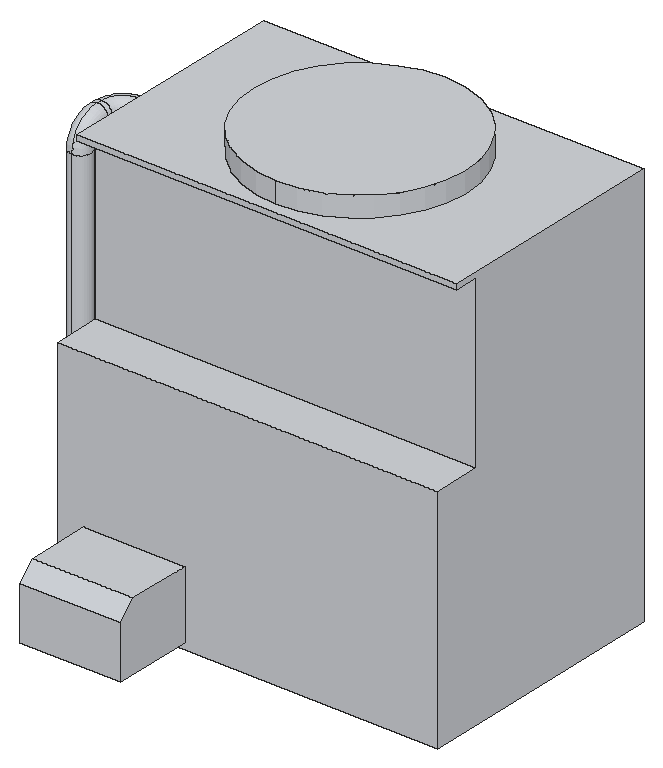
Revit family "dffb553e951040e09718d097f8c65a0e", category Mechanical Equipment, Revit 2021
Family settings
  Round Connector Dimension = Use Radius
  Part Type = Normal
  OmniClass Number = 23.75.10.37.11
  OmniClass Title = Mechanical-Draft Cooling Towers
  Seek Item ID = Cooling Tower - Closed Circuit - Counterflow - 37-211 MBH-0000-USA-ENU
  Work Plane-Based = No
  Always vertical = Yes
  Cut with Voids When Loaded = No
  Shared = No
  Room Calculation Point = No
Parameters (values of type "37 MBH")
  Voltage = 460 V
  Visible 2 = no
  Visible 1 = yes
  Tower Material = none
  Tower Length = 5' - 11 7/8"
  Tower Height = 6' - 8 5/8"
  Make-up Water Pressure Drop [instance] = 0.00 psi
  Load Classification = Cooling
  Default Elevation = 0' - 0"
  Cooling Water Pressure Drop [instance] = 20.00 psi
  Number of Poles = 3
  Number of Fans = 1
  Motor Length = 1' - 3 1/8"
  Motor HP = 5.75
  Make-up Water Flow [instance] = 0.05 * Cooling Water Flow / 100  # 0.06 GPM
  Make up Water Radius = 1"
  Make up Water Diameter = 2 * Make up Water Radius  # 2"
  Length 2 = Tower Length / 3  # 1' - 11.95833"
  Length 1 = 1' - 1 1/8"
  Heat Loss [instance] = 37000 Btu/h
  Fan Air Flow [instance] = 12100 CFM
  Drain Radius = 2"
  Drain Diameter = Drain Radius * 2  # 4"
  Distance 1 = 1' - 0"
  Cooling Water Radius = 2"
  Cooling Water Flow [instance] = 120 GPM
  Cooling Water Diameter = 2 * Cooling Water Radius  # 4"
  C1 Offset 1 = 1' - 10 7/8"
  Apparent Load = 3604 VA
Types (14): name | Visible 2 | Visible 1 | Tower Length | Tower Height | Cooling Water Pressure Drop | Number of Fans | Motor Length | Motor HP | Make-up Water Flow | Length 2 | Length 1 | Heat Loss | Fan Air Flow | Distance 1 | Cooling Water Flow | C1 Offset 1 | Apparent Load
  (no name) | no | yes | 5' - 11 7/8" | 6' - 8 5/8" | 20.00 psi | 1 | 1' - 3 1/8" | 5.75 | 0.06 GPM | 1' - 11.95833" | 1' - 1 1/8" | 37000 Btu/h | 12100 CFM | 1' - 0" | 120 GPM | 1' - 10 7/8" | 3604 VA
  92 MBH | yes | no | 8' - 11 1/4" | 7' - 11 5/8" | 25.00 psi | 2 | 1' - 3 1/8" | 11 | 0.09 GPM | 2' - 11 3/4" | 1' - 1 1/8" | 92000 Btu/h | 19200 CFM | 1' - 7 1/2" | 180 GPM | 1' - 10 3/4" | 6894 VA
  103 MBH | yes | no | 11' - 11 3/4" | 7' - 4 1/8" | 30.00 psi | 2 | 1' - 7 1/8" | 11.5 | 0.1225 GPM | 3' - 11.91667" | 1' - 3" | 103000 Btu/h | 23800 CFM | 1' - 7 1/2" | 245 GPM | 1' - 10 3/4" | 7208 VA
  104 MBH | yes | no | 8' - 11 1/4" | 8' - 7 1/8" | 25.00 psi | 2 | 1' - 3 1/8" | 11 | 0.09 GPM | 2' - 11 3/4" | 1' - 1 1/8" | 104000 Btu/h | 18800 CFM | 1' - 7 1/2" | 180 GPM | 1' - 10 3/4" | 6894 VA
  124 MBH | yes | no | 11' - 11 3/4" | 7' - 11 5/8" | 30.00 psi | 2 | 1' - 7 1/8" | 16.5 | 0.1225 GPM | 3' - 11.91667" | 1' - 3" | 124000 Btu/h | 26000 CFM | 1' - 7 1/2" | 245 GPM | 1' - 10 3/4" | 10342 VA
  140 MBH | yes | no | 11' - 11 3/4" | 8' - 7 1/8" | 30.00 psi | 2 | 1' - 7 1/8" | 16.5 | 0.1225 GPM | 3' - 11.91667" | 1' - 3" | 140000 Btu/h | 26200 CFM | 1' - 7 1/2" | 245 GPM | 1' - 10 3/4" | 10342 VA
  155 MBH | yes | yes | 18' - 0" | 7' - 4 1/8" | 35.00 psi | 3 | 1' - 7 1/8" | 17 | 0.1825 GPM | 6' - 0" | 1' - 0" | 155000 Btu/h | 35800 CFM | 2' - 10 1/2" | 365 GPM | 1' - 10 3/4" | 10655 VA
  188 MBH | yes | yes | 18' - 0" | 7' - 11 5/8" | 35.00 psi | 3 | 1' - 7 1/8" | 22 | 0.1825 GPM | 6' - 0" | 1' - 0" | 188000 Btu/h | 38600 CFM | 2' - 10 1/2" | 365 GPM | 1' - 10 3/4" | 13789 VA
  211 MBH | yes | yes | 18' - 0" | 8' - 7 1/8" | 35.00 psi | 3 | 1' - 7 1/8" | 22 | 0.1825 GPM | 6' - 0" | 1' - 0" | 211000 Btu/h | 37800 CFM | 2' - 10 1/2" | 365 GPM | 1' - 10 3/4" | 13789 VA
  37 MBH | no | yes | 5' - 11 7/8" | 6' - 8 5/8" | 20.00 psi | 1 | 1' - 3 1/8" | 5.75 | 0.06 GPM | 1' - 11.95833" | 1' - 1 1/8" | 37000 Btu/h | 12100 CFM | 1' - 0" | 120 GPM | 1' - 10 7/8" | 3604 VA
  50 MBH | no | yes | 5' - 11 7/8" | 7' - 4 1/8" | 20.00 psi | 1 | 1' - 3 1/8" | 5.75 | 0.06 GPM | 1' - 11.95833" | 1' - 1 1/8" | 50000 Btu/h | 11900 CFM | 1' - 0" | 120 GPM | 1' - 11 7/8" | 3604 VA
  61 MBH | no | yes | 5' - 11 7/8" | 7' - 11 5/8" | 20.00 psi | 1 | 1' - 3 1/8" | 5.75 | 0.06 GPM | 1' - 11.95833" | 1' - 1 1/8" | 61000 Btu/h | 11700 CFM | 1' - 0" | 120 GPM | 2' - 0 7/8" | 3604 VA
  68 MBH | no | yes | 5' - 11 7/8" | 8' - 7 1/8" | 20.00 psi | 1 | 1' - 3 1/8" | 8.25 | 0.06 GPM | 1' - 11.95833" | 1' - 1 1/8" | 68000 Btu/h | 13100 CFM | 1' - 0" | 120 GPM | 2' - 1 7/8" | 5171 VA
  76 MBH | yes | no | 8' - 11 1/4" | 7' - 4 1/8" | 25.00 psi | 2 | 1' - 3 1/8" | 8.5 | 0.09 GPM | 2' - 11 3/4" | 1' - 1 1/8" | 76000 Btu/h | 17800 CFM | 1' - 7 1/2" | 180 GPM | 1' - 10 3/4" | 5327 VA
Reference planes (in)
  plane 1 "Center (Front/Back)": y = 0
  plane 2: z = 0
  plane 3 "Center (Left/Right)": x = 0
  plane 4: y = 48.625
  plane 5: x = 71.875
  plane 6: z = 80.625
  plane 7: z = 43.5
  plane 8: z = 75.75
  plane 9: z = 76.75
  plane 10: y = 9
  plane 11: y = 4.5
  plane 12: x = 5
  plane 13: x = 23.95833
  plane 14: y = -15.125
  plane 15: z = 1
  plane 16: z = 5
  plane 17: z = 3
  plane 18: z = 9
  plane 19: z = 11
  plane 20: z = 17
  plane 21: z = 24
  plane 22: z = 14
  plane 23 "1": y = 44.625
  plane 24: y = 29
  plane 25: x = -2
  plane 26: x = -13.125
  plane 27 "2": x = -9.125
  plane 28: x = -5.125
  plane 29: y = 25.75
  plane 30: y = 16.75
  plane 31: y = 20.75
  plane 32: z = 18
  plane 33 "3": z = 69.75
  plane 34: z = 65.75
  plane 35: y = 26.5625
  plane 36: y = 21.75
  plane 37: z = 50.5
  plane 38: z = 62.5
  plane 39: x = 17.96875
  plane 40: x = 35.9375
  plane 41: x = 53.90625
  plane 42: z = 38.5
  plane 43: x = 66.875
  plane 44: z = 32.91667
  plane 45: z = 27.33333
  plane 46: z = 21.75
  plane 47: z = 16.16667
  plane 48: z = 10.58333
  plane 49: y = -12.125
  plane 50: z = 26.125
  plane 51: y = 50.625
Forms (in)
  Extrusion 1, solid, material <- "Tower Material"
    sketch origin (0, 0, 0) x (0, 1, 0) y (0, 0, 1)
      loop
        line (48.625, 76.75) -> (4.5, 76.75) -> (4.5, 75.75) -> (9, 75.75) -> (9, 43.5) -> (0, 43.5) -> (0, 0) -> (48.625, 0) -> (48.625, 76.75)
    from 71.875 to 0
  Extrusion 2, solid, material <- "Tower Material", detail levels medium+fine
    sketch origin (0, 0, 0) x (1, 0, 0) y (0, 1, 0)
      loop
        circle (-9.125, 44.625) r 4
    from 11 to 17
  Extrusion 3, solid, material <- "Tower Material", detail levels medium+fine
    sketch origin (0, 0, 0) x (1, 0, 0) y (0, 1, 0)
      loop
        circle (-9.125, 44.625) r 3
    from 17 to 24
  Sweep 4, solid, material <- "Tower Material", detail levels medium+fine
    path in 3D
      loop
        line (-9.125, 44.625, 11) -> (-9.125, 44.625, 9)
        arc (-9.125, 44.625, 9) -> (-7.95343, 44.625, 6.17157) -> (-5.125, 44.625, 5) r 4
        line (-5.125, 44.625, 5) -> (0, 44.625, 5)
    profile origin (-2.5625, 44.625, 5) x (0, 0, 1) y (0, -1, 0)
      loop
        circle (0, 0) r 2
  Sweep 5, solid, material <- "Tower Material", detail levels medium+fine
    path in 3D
      loop
        line (-9.125, 44.625, 14) -> (-9.125, 20.75, 14)
        arc (-9.125, 20.75, 14) -> (-9.125, 17.92157, 15.17157) -> (-9.125, 16.75, 18) r 4
        line (-9.125, 16.75, 18) -> (-9.125, 16.75, 65.75)
        arc (-9.125, 16.75, 65.75) -> (-9.125, 17.92157, 68.57843) -> (-9.125, 20.75, 69.75) r 4
        line (-9.125, 20.75, 69.75) -> (-9.125, 21.75, 69.75)
        arc (-9.125, 21.75, 69.75) -> (-7.95343, 24.57843, 69.75) -> (-5.125, 25.75, 69.75) r 4
        line (-5.125, 25.75, 69.75) -> (0, 25.75, 69.75)
    profile origin (-9.125, 32.6875, 14) x (0, 0, -1) y (1, 0, 0)
      loop
        circle (0, 0) r 2
  Extrusion 6, solid, material <- "Tower Material"
    sketch origin (-9.125, 0, 0) x (0, 1, 0) y (0, 0, 1)
      loop
        circle (25.75, 50.5) r 2
      loop
        circle (25.75, 62.5) r 2
    from -4 to 9.125
  Extrusion 7, solid, material <- "Tower Material"
    sketch origin (-9.125, 0, 0) x (0, 1, 0) y (0, 0, 1)
      loop
        circle (29, 3) r 2
    from 7.125 to 9.125
  Extrusion 8, solid, material <- "Tower Material"
    sketch origin (-9.125, 0, 0) x (0, 1, 0) y (0, 0, 1)
      loop
        line (0, 14) -> (-12.125, 14) -> (-15.125, 11) -> (-15.125, 1) -> (0, 1) -> (0, 14)
    from 14.125 to 33.08333
  Extrusion 9, solid, material <- "Tower Material"
    sketch origin (0, 0, 0) x (1, 0, 0) y (0, 0, 1)
      loop
        circle (5, 26.125) r 1
      loop
        circle (17.96875, 32.91667) r 9
    from -48.625 to -50.625
  Extrusion 10, solid, material <- "Tower Material", visible <- "Visible 2"
    sketch origin (0, 0, 69.75) x (0, 1, 0) y (-1, 0, 0)
      loop
        circle (26.5625, -17.96875) r 20
    from 7 to 10.875
  Extrusion 11, solid, material <- "Tower Material", visible <- "Visible 2"
    sketch origin (0, 0, 69.75) x (0, 1, 0) y (-1, 0, 0)
      loop
        circle (26.5625, -53.90625) r 20
    from 7 to 10.875
  Extrusion 12, solid, material <- "Tower Material", visible <- "Visible 1"
    sketch origin (0, 0, 69.75) x (0, 1, 0) y (-1, 0, 0)
      loop
        circle (26.5625, -35.9375) r 20
    from 7 to 10.875
Cuts and joins
  joined: Extrusion 2, Extrusion 3, Sweep 4, Sweep 5
  joined: Extrusion 1, Extrusion 6, Extrusion 7, Extrusion 8, Extrusion 9
Lines and regions (in)
  reference lines
    curve 1: line (-9.125, 44.625, 11) -> (-9.125, 44.625, 9)
    curve 2: line (-5.125, 44.625, 5) -> (0, 44.625, 5)
    curve 3: arc (-9.125, 44.625, 9) -> (-7.95343, 44.625, 6.17157) -> (-5.125, 44.625, 5) r 4
    curve 7: line (-9.125, 44.625, 14) -> (-9.125, 20.75, 14)
    curve 8: arc (-9.125, 20.75, 14) -> (-9.125, 17.92157, 15.17157) -> (-9.125, 16.75, 18) r 4
    curve 9: line (-9.125, 16.75, 18) -> (-9.125, 16.75, 65.75)
    curve 10: arc (-9.125, 16.75, 65.75) -> (-9.125, 17.92157, 68.57843) -> (-9.125, 20.75, 69.75) r 4
    curve 11: line (-9.125, 20.75, 69.75) -> (-9.125, 21.75, 69.75)
    curve 12: arc (-9.125, 21.75, 69.75) -> (-7.95343, 24.57843, 69.75) -> (-5.125, 25.75, 69.75) r 4
    curve 13: line (-5.125, 25.75, 69.75) -> (0, 25.75, 69.75)
  sketch lines
    curve 4: line (-5.125, 44.625, 5) -> (0, 44.625, 5)
    curve 5: arc (-9.125, 44.625, 9) -> (-7.95343, 44.625, 6.17157) -> (-5.125, 44.625, 5) r 4
    curve 6: line (-9.125, 44.625, 11) -> (-9.125, 44.625, 9)
    curve 14: line (-9.125, 44.625, 14) -> (-9.125, 20.75, 14)
    curve 15: arc (-9.125, 20.75, 14) -> (-9.125, 17.92157, 15.17157) -> (-9.125, 16.75, 18) r 4
    curve 16: line (-9.125, 16.75, 18) -> (-9.125, 16.75, 65.75)
    curve 17: arc (-9.125, 16.75, 65.75) -> (-9.125, 17.92157, 68.57843) -> (-9.125, 20.75, 69.75) r 4
    curve 18: arc (-9.125, 21.75, 69.75) -> (-7.95343, 24.57843, 69.75) -> (-5.125, 25.75, 69.75) r 4
    curve 19: line (-5.125, 25.75, 69.75) -> (0, 25.75, 69.75)
    curve 20: line (-9.125, 20.75, 69.75) -> (-9.125, 21.75, 69.75)
  model lines, detail levels medium+fine
    curve 21: line (5, 0, 38.5) -> (66.875, 0, 38.5)
    curve 22: line (5, 0, 5) -> (5, 0, 38.5)
    curve 23: line (66.875, 0, 5) -> (5, 0, 5)
    curve 24: line (66.875, 0, 38.5) -> (66.875, 0, 5)
    curve 25: line (5, 0, 32.91667) -> (66.875, 0, 32.91667)
    curve 26: line (66.875, 0, 27.33333) -> (5, 0, 27.33333)
    curve 27: line (66.875, 0, 21.75) -> (5, 0, 21.75)
    curve 28: line (66.875, 0, 16.16667) -> (5, 0, 16.16667)
    curve 29: line (66.875, 0, 10.58333) -> (5, 0, 10.58333)
Dimensions and locks (in)
  "Tower Length": plane 3 "Center (Left/Right)" to plane 5
  locked: plane 1 "Center (Front/Back)" to plane 4 at 48.625
  "Tower Height": plane 6 to plane 2
  locked: plane 7 to plane 2 at 43.5
  locked: plane 6 to plane 8 at 4.875
  locked: plane 9 to plane 8 at 1
  locked: plane 10 to plane 1 "Center (Front/Back)" at 9
  equal spacing: plane 1 "Center (Front/Back)", plane 11, plane 10
  locked: plane 3 "Center (Left/Right)" to plane 12 at 5
  "Length 2": plane 3 "Center (Left/Right)" to plane 13
  "Motor Length": plane 1 "Center (Front/Back)" to plane 14
  locked: plane 15 to plane 2 at 1
  locked: plane 16 to plane 2 at 5
  locked: plane 16 to plane 17 at 2
  locked: plane 18 to plane 16 at 4
  locked: plane 19 to plane 18 at 2
  locked: plane 20 to plane 19 at 6
  locked: plane 21 to plane 20 at 7
  equal spacing: plane 20, plane 22, plane 19
  locked: plane 4 to plane 23 "1" at 4
  locked: plane 4 to plane 24 at 19.625
  locked: plane 25 to plane 3 "Center (Left/Right)" at 2
  "Length 1": plane 26 to plane 3 "Center (Left/Right)"
  locked: plane 26 to plane 27 "2" at 4
  locked: plane 27 "2" to plane 28 at 4
  "C1 Offset 1": plane 4 to plane 29
  locked: plane 29 to plane 30 at 9
  locked: plane 31 to plane 30 at 4
  locked: plane 32 to plane 22 at 4
  locked: plane 8 to plane 33 "3" at 6
  locked: plane 33 "3" to plane 34 at 4
  equal spacing: plane 4, plane 35, plane 11
  locked: plane 29 to plane 36 at 4
  locked: plane 37 to plane 7 at 7
  "Distance 1": plane 38 to plane 37
  equal spacing: plane 3 "Center (Left/Right)", plane 39, plane 40, plane 41, plane 5
  locked: plane 43 to plane 5 at 5
  locked: plane 7 to plane 42 at 5
  equal spacing: plane 42, plane 44, plane 45, plane 46, plane 47, plane 48, plane 16
  locked: plane 49 to plane 14 at 3
  locked: plane 50 to plane 2 at 26.125
  locked: plane 51 to plane 4 at 2
  radius of Extrusion 2 sketch curve = 0' - 4"
  radius of Extrusion 3 sketch curve = 0' - 3"
  radius of curve 3 = 0' - 4"
  radius of Sweep 4 sketch curve = 0' - 2"
  radius of curve 8 = 0' - 4"
  radius of curve 10 = 0' - 4"
  radius of curve 12 = 0' - 4"
  radius of Sweep 5 sketch curve = 0' - 2"
  "Cooling Water Radius": radius of Extrusion 6 sketch curve  (x2)
  "Drain Radius": radius of Extrusion 7 sketch curve
  "Make up Water Radius": radius of Extrusion 9 sketch curve
  radius of Extrusion 9 sketch curve = 0' - 9"
  radius of Extrusion 10 sketch curve = 1' - 8"
  radius of Extrusion 11 sketch curve = 1' - 8"
  radius of Extrusion 12 sketch curve = 1' - 8"
  aligned and locked: plane 4 to Extrusion 1 sketch curve
  aligned and locked: Extrusion 1 sketch curve to plane 8
  aligned and locked: Extrusion 1 sketch curve to plane 10
  aligned and locked: plane 7 to Extrusion 1 sketch curve
  aligned and locked: plane 1 "Center (Front/Back)" to Extrusion 1 sketch curve
  aligned and locked: Extrusion 1 sketch curve to plane 2
  aligned and locked: plane 5 to Extrusion 1
  aligned and locked: Extrusion 1 to plane 3 "Center (Left/Right)"
  aligned and locked: plane 11 to Extrusion 1 sketch curve
  aligned and locked: plane 27 "2" to Extrusion 2 sketch curve
  aligned and locked: plane 23 "1" to Extrusion 2 sketch curve
  aligned and locked: plane 20 to Extrusion 2
  aligned and locked: Extrusion 2 to plane 19
  aligned and locked: plane 27 "2" to Extrusion 3 sketch curve
  aligned and locked: plane 23 "1" to Extrusion 3 sketch curve
  aligned and locked: Extrusion 3 to plane 21
  aligned and locked: Extrusion 3 to plane 20
  aligned and locked: plane 28 to curve 3
  aligned and locked: plane 18 to curve 3
  aligned and locked: plane 31 to curve 8
  aligned and locked: plane 32 to curve 8
  aligned and locked: plane 31 to curve 10
  aligned and locked: plane 34 to curve 10
  aligned and locked: plane 29 to Extrusion 6 sketch curve  (x2)
  aligned and locked: plane 37 to Extrusion 6 sketch curve
  aligned and locked: plane 38 to Extrusion 6 sketch curve
  aligned and locked: Extrusion 6 to plane 26
  aligned and locked: plane 3 "Center (Left/Right)" to Extrusion 6
  aligned and locked: plane 24 to Extrusion 7 sketch curve
  aligned and locked: plane 17 to Extrusion 7 sketch curve
  aligned and locked: Extrusion 7 to plane 25
  aligned and locked: plane 3 "Center (Left/Right)" to Extrusion 7
  aligned and locked: plane 12 to curve 21
  aligned and locked: curve 21 to plane 42
  aligned and locked: plane 16 to curve 24
  aligned and locked: curve 24 to plane 43
  aligned and locked: curve 24 to curve 26
  aligned and locked: curve 26 to plane 45
  aligned and locked: curve 27 to plane 46
  aligned and locked: curve 28 to plane 47
  aligned and locked: curve 29 to plane 48
  aligned and locked: plane 1 "Center (Front/Back)" to Extrusion 8 sketch curve
  aligned and locked: Extrusion 8 sketch curve to plane 22
  aligned and locked: Extrusion 8 sketch curve to plane 14
  aligned and locked: plane 15 to Extrusion 8 sketch curve
  aligned and locked: plane 19 to Extrusion 8 sketch curve
  aligned and locked: plane 49 to Extrusion 8 sketch curve
  aligned and locked: plane 13 to Extrusion 8
  aligned and locked: Extrusion 8 to plane 12
  aligned and locked: plane 50 to Extrusion 9 sketch curve
  aligned and locked: plane 12 to Extrusion 9 sketch curve
  aligned and locked: plane 39 to Extrusion 9 sketch curve
  aligned and locked: plane 44 to Extrusion 9 sketch curve
  aligned and locked: plane 51 to Extrusion 9
  aligned and locked: Extrusion 9 to plane 4
  aligned and locked: plane 39 to Extrusion 10 sketch curve
  aligned and locked: plane 35 to Extrusion 10 sketch curve
  aligned and locked: plane 41 to Extrusion 11 sketch curve
  aligned and locked: plane 35 to Extrusion 11 sketch curve
  aligned and locked: plane 40 to Extrusion 12 sketch curve
  aligned and locked: plane 35 to Extrusion 12 sketch curve
  aligned and locked: plane 6 to Extrusion 10
  aligned and locked: Extrusion 10 to plane 9
  aligned and locked: plane 6 to Extrusion 12
  aligned and locked: Extrusion 12 to plane 9
  aligned and locked: plane 6 to Extrusion 11
  aligned and locked: Extrusion 11 to plane 9
Automatic sketch dimensions
  Extrusion 1 sketch curve to plane 9 = 0' - 0"
  curve 2 to plane 3 "Center (Left/Right)" = 0' - 0"
  curve 1 to plane 19 = 0' - 0"
  Sweep 4 sketch curve to profile plane = 0' - 0"  (x2)
  curve 11 to plane 36 = 0' - 0"
  curve 7 to plane 23 "1" = 0' - 0"
  curve 12 to plane 27 "2" = 0' - 0"
  curve 12 to plane 36 = 0' - 0"
  curve 13 to plane 3 "Center (Left/Right)" = 0' - 0"
  Sweep 5 sketch curve to profile plane = 0' - 0"  (x2)
  curve 25 to plane 44 = 0' - 0"
Connectors (in)
  piping at (-13.125, 25.75, 62.5), diameter 4, driven by "Cooling Water Radius", driven by "Cooling Water Pressure Drop", driven by "Cooling Water Flow"
    settings: on cut or joined group of Extrusion 1, Extrusion 6, Extrusion 7, Extrusion 8, Extrusion 9, index 1, connector inside diameter 4", connector length 0' - 0", flow factor 0, pipe flow 120 GPM, pressure drop 20.00 psi, fitting loss kfactor 0, connector angle 0.00°, fixture units 0, engagement length 0' - 0", angle of deflection 0.00°, flow configuration 0, flow direction 2, fitting loss method 4, system type 7, joint type 0, gender type 0, connector reference index 2, connector utility 0, adjustable connector no, is connector primary yes, connector description "Condenser Water Out"
  piping at (-13.125, 25.75, 50.5), diameter 4, driven by "Cooling Water Flow", driven by "Cooling Water Radius"
    settings: on cut or joined group of Extrusion 1, Extrusion 6, Extrusion 7, Extrusion 8, Extrusion 9, index 2, connector inside diameter 4", connector length 0' - 0", flow factor 0, pipe flow 120 GPM, pressure drop 0.00 psi, fitting loss kfactor 0, connector angle 0.00°, fixture units 0, engagement length 0' - 0", angle of deflection 0.00°, flow configuration 0, flow direction 1, fitting loss method 0, system type 8, joint type 0, gender type 0, connector reference index 1, connector utility 0, adjustable connector no, is connector primary no, connector description "Condenser Water In"
  piping at (5, 50.625, 26.125), diameter 2, driven by "Make up Water Radius", driven by "Make-up Water Flow", driven by "Make-up Water Pressure Drop"
    settings: on cut or joined group of Extrusion 1, Extrusion 6, Extrusion 7, Extrusion 8, Extrusion 9, index 3, connector inside diameter 2", connector length 0' - 0", flow factor 0, pipe flow 0.06 GPM, pressure drop 0.00 psi, fitting loss kfactor 0, connector angle 0.00°, fixture units 0, engagement length 0' - 0", angle of deflection 0.00°, flow configuration 1, flow direction 1, fitting loss method 4, system type 20, joint type 0, gender type 0, connector reference index -1, connector utility 0, adjustable connector no, is connector primary no, connector description "Make-up Water In"
  piping at (-2, 29, 3), diameter 4, driven by "Drain Radius"
    settings: on cut or joined group of Extrusion 1, Extrusion 6, Extrusion 7, Extrusion 8, Extrusion 9, index 4, connector inside diameter 4", connector length 0' - 0", flow factor 0, pipe flow 0 GPM, pressure drop 0.00 psi, fitting loss kfactor 0, connector angle 0.00°, fixture units 0, engagement length 0' - 0", angle of deflection 0.00°, flow configuration 1, flow direction 2, fitting loss method 0, system type 16, joint type 0, gender type 0, connector reference index -1, connector utility 0, adjustable connector yes, is connector primary no, connector description "Drain Out"
  electrical at (5, -8.475, 8.2), driven by "Apparent Load", driven by "Voltage", driven by "Number of Poles", driven by "Load Classification"
    settings: on cut or joined group of Extrusion 1, Extrusion 6, Extrusion 7, Extrusion 8, Extrusion 9, index 5, voltage 460 V, apparent load 3604 VA, apparent load phase1 0 VA, apparent load phase2 0 VA, apparent load phase3 0 VA, power factor 0.8, load classification "Cooling", number of poles 3, system type 30, power factor state 1, is connector primary yes, connector utility no, sub classification motor no, connector description ""
